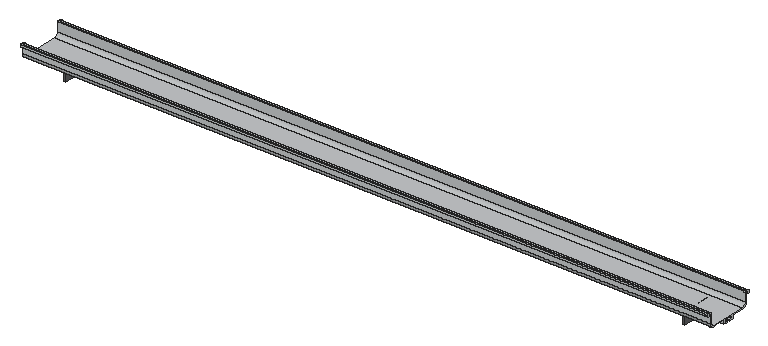
Revit family "Richelieu_Gola_Channel_Profiles_2025", category Generic Models, Revit 2025
Family settings
  Can host rebar = No
  Round Connector Dimension = Use Diameter
  Part Type = Normal
  Cut with Voids When Loaded = Yes
  Maintain Annotation Orientation = No
  Shared = No
  Room Calculation Point = No
Parameters (values of type "Horizontal - C - Double Grip")
  URL = "https://www.richelieu.com/us/en/category/moldings-corbels-and-components/metal-and-pvc-moldings-profiles-and-rails/gola-cabinet-profiles/1182698"
  Type VS = no
  Type VD = no
  Type HL = no
  Type HC = yes
  Stock Length = 4100 mm
  Show Right End Cap [instance] = no
  Show Mounting Clips [instance] = yes
  Show Left End Cap [instance] = no
  Show Internal 90 Joint [instance] = no
  Show External 90 Joint [instance] = no
  Show Assembly Bracket [instance] = no
  Right End Cap Open [instance] = no
  Recess Opening Width [instance] = if(Type HC, 72.7 mm, if(Type HL, 56 mm, if(Type VS, 48.25 mm, 66.5 mm))) + 2 * Effective Recess Clearance  # 73.7 mm
  Recess Cut Front [instance] = if(Type HC, 26 mm, if(Type HL, 27 mm, 36.6 mm)) + Effective Recess Clearance + if(Front Cut Extension < 0 mm, 0 mm, Front Cut Extension)  # 76.5 mm
  Recess Cut Back [instance] = -Effective Recess Clearance - if(Extra Cut Depth < 0 mm, 0 mm, Extra Cut Depth)  # -0.5 mm
  Recess Clearance [instance] = 0.5 mm
  Profile Width = 26 mm
  Profile Type = "HC"
  Profile Material = Gola - Brushed Stainless Finish
  Profile Height = 72.7 mm
  Open End Cap Product = "7001045170"
  Mounting Clip Material = Gola - Black Plastic Mounting Clips
  Model Accuracy Notes = "Source overall sections: C 26x72.7; L 27x56; vertical single 48.25x36.6; double 66.5x36.6mm. Undimensioned small radii/thickness, teeth and accessory internals simplified. Stock vertical drawing 4400mm; website packaging sometimes states 4500mm."
  Model = "70010040410170"
  Manufacturer Product Number = "70010040410170"
  Manufacturer = "Richelieu Hardware"
  built-in parameter 1001306 [instance] = 1000 mm
  Left End Cap Open [instance] = no
  Internal Joint Product = "7001016I170"
  HL internal joint [instance] = and(Type HL, Show Internal 90 Joint)  # no
  HL external joint [instance] = and(Type HL, Show External 90 Joint)  # no
  HL clips [instance] = and(Type HL, Show Mounting Clips)  # no
  HL bracket linear [instance] = and(Type HL, and(Show Assembly Bracket, Bracket As Linear Join))  # no
  HL bracket bent [instance] = and(Type HL, and(Show Assembly Bracket, not(Bracket As Linear Join)))  # no
  HL Right open [instance] = and(Type HL, and(Show Right End Cap, Right End Cap Open))  # no
  HL Right closed [instance] = and(Type HL, and(Show Right End Cap, not(Right End Cap Open)))  # no
  HL Left open [instance] = and(Type HL, and(Show Left End Cap, Left End Cap Open))  # no
  HL Left closed [instance] = and(Type HL, and(Show Left End Cap, not(Left End Cap Open)))  # no
  HC internal joint [instance] = and(Type HC, Show Internal 90 Joint)  # no
  HC external joint [instance] = and(Type HC, Show External 90 Joint)  # no
  HC clips [instance] = and(Type HC, Show Mounting Clips)  # yes
  HC bracket linear [instance] = and(Type HC, and(Show Assembly Bracket, Bracket As Linear Join))  # no
  HC bracket bent [instance] = and(Type HC, and(Show Assembly Bracket, not(Bracket As Linear Join)))  # no
  HC Right open [instance] = and(Type HC, and(Show Right End Cap, Right End Cap Open))  # no
  HC Right closed [instance] = and(Type HC, and(Show Right End Cap, not(Right End Cap Open)))  # no
  HC Left open [instance] = and(Type HC, and(Show Left End Cap, Left End Cap Open))  # no
  HC Left closed [instance] = and(Type HC, and(Show Left End Cap, not(Left End Cap Open)))  # no
  Grip Configuration = "Double"
  Front Cut Extension [instance] = 50 mm
  Finish = "Brushed stainless steel appearance"
  Extra Cut Depth [instance] = 0 mm
  External Joint Product = "7001016E170"
  Effective Recess Clearance [instance] = if(Recess Clearance < 0.1 mm, 0.1 mm, Recess Clearance)  # 0.5 mm
  Effective Accessory Offset [instance] = if(Accessory Offset < 25 mm, 25 mm, if(Accessory Offset > [built-in parameter 1001306] / 2 - 20 mm, [built-in parameter 1001306] / 2 - 20 mm, Accessory Offset))  # 50 mm
  Description = "Horizontal - C - Double Grip; line based length with endpoint grips"
  Default Elevation = 0 mm
  Control 3864 Start [instance] = [built-in parameter 1001306] + 25.8 mm  # 1025.8 mm
  Control 3864 End [instance] = [built-in parameter 1001306] + 27 mm  # 1027 mm
  Control 3851 Start [instance] = [built-in parameter 1001306] + 0 mm  # 1000 mm
  Control 3851 End [instance] = [built-in parameter 1001306] + 27 mm  # 1027 mm
  Control 3792 Start [instance] = [built-in parameter 1001306] - 34 mm  # 966 mm
  Control 3792 End [instance] = [built-in parameter 1001306] + 34 mm  # 1034 mm
  Control 3780 Start [instance] = [built-in parameter 1001306] - 2.4 mm  # 997.6 mm
  Control 3768 Start [instance] = [built-in parameter 1001306] - 68 mm  # 932 mm
  Control 3743 Start [instance] = [built-in parameter 1001306] - Effective Accessory Offset - 17 mm  # 933 mm
  Control 3722 End [instance] = [built-in parameter 1001306] - Effective Accessory Offset + 12.2 mm  # 962.2 mm
  Control 3709 Start [instance] = [built-in parameter 1001306] - Effective Accessory Offset  # 950 mm
  Control 3709 End [instance] = [built-in parameter 1001306] - Effective Accessory Offset + 3 mm  # 953 mm
  Control 3686 Start [instance] = Effective Accessory Offset - 17 mm  # 33 mm
  Control 3665 End [instance] = Effective Accessory Offset + 12.2 mm  # 62.2 mm
  Control 3653 End [instance] = Effective Accessory Offset + 3 mm  # 53 mm
  Control 3640 Start [instance] = [built-in parameter 1001306] - 8 mm  # 992 mm
  Control 3548 End [instance] = [built-in parameter 1001306] + 11 mm  # 1011 mm
  Control 3536 End [instance] = [built-in parameter 1001306] + 2 mm  # 1002 mm
  Closed End Cap Product = "7001046170"
  Cap Material = Gola - Brushed Stainless Finish
  Bracket Material = Gola - Galvanized Bracket
  Bracket As Linear Join [instance] = no
  Base Material = "Anodized aluminum"
  Application = "Horizontal"
  Accessory Offset [instance] = 50 mm
  Accessory Notes = "Horizontal: BP7001010 clips; 70010999 bracket. Internal joint at START, external at END. Disable end cap where corner used. Vertical: direct screw fixing; horizontal fittings suppressed."
Reference planes
  plane 1 "Center (Front/Back)": y = 0
  plane 2: z = 0
  plane 3 "Left": x = 0
  plane 4 "Right": x = 1000
  plane 5 "Recess lower edge": y = -0.5
  plane 6 "Recess upper edge": y = 73.2
Forms (mm)
  Extrusion 1, solid, material "Gola - Brushed Stainless Finish" <- "Profile Material", visible <- "Type HC"
    sketch origin (0, 0, 0) x (0, 1, 0) y (0, 0, 1)
      loop
        line (72.7, 22) -> (72.7, 24.8)
        arc (72.7, 24.8) -> (72.349, 25.648) -> (71.5, 26) r 1.2
        line (71.5, 26) -> (68.9, 26)
        arc (68.9, 26) -> (68.052, 25.648) -> (67.7, 24.8) r 1.2
        line (67.7, 24.8) -> (67.7, 11.9)
        arc (67.7, 11.9) -> (66.118, 8.082) -> (62.3, 6.5) r 5.4
        line (62.3, 6.5) -> (10.4, 6.5)
        arc (10.4, 6.5) -> (6.582, 8.082) -> (5, 11.9) r 5.4
        line (5, 11.9) -> (5, 24.8)
        arc (5, 24.8) -> (4.648, 25.648) -> (3.8, 26) r 1.2
        line (3.8, 26) -> (1.2, 26)
        arc (1.2, 26) -> (0.352, 25.648) -> (0, 24.8) r 1.2
        line (0, 24.8) -> (0, 22) -> (1.2, 22) -> (1.2, 24.8) -> (3.8, 24.8) -> (3.8, 11.9)
        arc (3.8, 11.9) -> (5.733, 7.233) -> (10.4, 5.3) r 6.6
        line (10.4, 5.3) -> (28.2, 5.3) -> (28.2, 0) -> (33.4, 0) -> (33.4, 1.2) -> (29.4, 1.2) -> (29.4, 5.3) -> (43.3, 5.3) -> (43.3, 1.2) -> (39.3, 1.2) -> (39.3, 0) -> (44.5, 0) -> (44.5, 5.3) -> (62.3, 5.3)
        arc (62.3, 5.3) -> (66.967, 7.233) -> (68.9, 11.9) r 6.6
        line (68.9, 11.9) -> (68.9, 24.8) -> (71.5, 24.8) -> (71.5, 22) -> (72.7, 22)
    from 0 to 1000 <- "built-in parameter 1001306"
  Extrusion 2, solid, material "Gola - Brushed Stainless Finish" <- "Cap Material", visible <- "HC Left closed"
    sketch origin (0, 0, 0) x (0, 1, 0) y (0, 0, 1)
      loop
        line (0, 0) -> (72.7, 0) -> (72.7, 26) -> (0, 26) -> (0, 0)
    from -2 to 0
  Extrusion 3, solid, material "Gola - Brushed Stainless Finish" <- "Cap Material", visible <- "HC Left open"
    sketch origin (0, 0, 0) x (0, 1, 0) y (0, 0, 1)
      loop
        line (74.35, 24.538) -> (74.35, 27.662)
        arc (74.35, 27.662) -> (74, 28.59) -> (73.096, 29) r 1.299
        line (73.096, 29) -> (70.378, 29)
        arc (70.378, 29) -> (69.474, 28.59) -> (69.123, 27.662) r 1.299
        line (69.123, 27.662) -> (69.123, 13.273)
        arc (69.123, 13.273) -> (67.546, 9.094) -> (63.478, 7.25) r 5.843
        line (63.478, 7.25) -> (9.222, 7.25)
        arc (9.222, 7.25) -> (5.154, 9.094) -> (3.577, 13.273) r 5.843
        line (3.577, 13.273) -> (3.577, 27.662)
        arc (3.577, 27.662) -> (3.226, 28.59) -> (2.322, 29) r 1.299
        line (2.322, 29) -> (-0.396, 29)
        arc (-0.396, 29) -> (-1.3, 28.59) -> (-1.65, 27.662) r 1.299
        line (-1.65, 27.662) -> (-1.65, 24.538) -> (-0.396, 24.538) -> (-0.396, 27.662) -> (2.322, 27.662) -> (2.322, 13.273)
        arc (2.322, 13.273) -> (4.25, 8.165) -> (9.222, 5.912) r 7.142
        line (9.222, 5.912) -> (27.83, 5.912) -> (27.83, 0) -> (33.266, 0) -> (33.266, 1.338) -> (29.085, 1.338) -> (29.085, 5.912) -> (43.615, 5.912) -> (43.615, 1.338) -> (39.434, 1.338) -> (39.434, 0) -> (44.87, 0) -> (44.87, 5.912) -> (63.478, 5.912)
        arc (63.478, 5.912) -> (68.45, 8.165) -> (70.378, 13.273) r 7.142
        line (70.378, 13.273) -> (70.378, 27.662) -> (73.096, 27.662) -> (73.096, 24.538) -> (74.35, 24.538)
    from -11 to 0
  Extrusion 4, solid, material "Gola - Brushed Stainless Finish" <- "Cap Material", visible <- "HC Left closed"
    sketch origin (0, 0, 0) x (0, 1, 0) y (0, 0, 1)
      loop
        line (7, 5.3) -> (65.7, 5.3) -> (65.7, 7) -> (7, 7) -> (7, 5.3)
    from 0 to 8
  Extrusion 5, solid, material "Gola - Brushed Stainless Finish" <- "Cap Material", visible <- "HC Right closed"
    sketch origin (0, 0, 0) x (0, 1, 0) y (0, 0, 1)
      loop
        line (0, 0) -> (72.7, 0) -> (72.7, 26) -> (0, 26) -> (0, 0)
    from 1000 <- "built-in parameter 1001306" to 1002 <- "Control 3536 End"
  Extrusion 6, solid, material "Gola - Brushed Stainless Finish" <- "Cap Material", visible <- "HC Right open"
    sketch origin (0, 0, 0) x (0, 1, 0) y (0, 0, 1)
      loop
        line (74.35, 24.538) -> (74.35, 27.662)
        arc (74.35, 27.662) -> (74, 28.59) -> (73.096, 29) r 1.299
        line (73.096, 29) -> (70.378, 29)
        arc (70.378, 29) -> (69.474, 28.59) -> (69.123, 27.662) r 1.299
        line (69.123, 27.662) -> (69.123, 13.273)
        arc (69.123, 13.273) -> (67.546, 9.094) -> (63.478, 7.25) r 5.843
        line (63.478, 7.25) -> (9.222, 7.25)
        arc (9.222, 7.25) -> (5.154, 9.094) -> (3.577, 13.273) r 5.843
        line (3.577, 13.273) -> (3.577, 27.662)
        arc (3.577, 27.662) -> (3.226, 28.59) -> (2.322, 29) r 1.299
        line (2.322, 29) -> (-0.396, 29)
        arc (-0.396, 29) -> (-1.3, 28.59) -> (-1.65, 27.662) r 1.299
        line (-1.65, 27.662) -> (-1.65, 24.538) -> (-0.396, 24.538) -> (-0.396, 27.662) -> (2.322, 27.662) -> (2.322, 13.273)
        arc (2.322, 13.273) -> (4.25, 8.165) -> (9.222, 5.912) r 7.142
        line (9.222, 5.912) -> (27.83, 5.912) -> (27.83, 0) -> (33.266, 0) -> (33.266, 1.338) -> (29.085, 1.338) -> (29.085, 5.912) -> (43.615, 5.912) -> (43.615, 1.338) -> (39.434, 1.338) -> (39.434, 0) -> (44.87, 0) -> (44.87, 5.912) -> (63.478, 5.912)
        arc (63.478, 5.912) -> (68.45, 8.165) -> (70.378, 13.273) r 7.142
        line (70.378, 13.273) -> (70.378, 27.662) -> (73.096, 27.662) -> (73.096, 24.538) -> (74.35, 24.538)
    from 1000 <- "built-in parameter 1001306" to 1011 <- "Control 3548 End"
  Extrusion 7, solid, material "Gola - Brushed Stainless Finish" <- "Cap Material", visible <- "HC Right closed"
    sketch origin (0, 0, 0) x (0, 1, 0) y (0, 0, 1)
      loop
        line (7, 5.3) -> (65.7, 5.3) -> (65.7, 7) -> (7, 7) -> (7, 5.3)
    from 992 <- "Control 3640 Start" to 1000 <- "built-in parameter 1001306"
  Extrusion 8, solid, material "Gola - Black Plastic Mounting Clips" <- "Mounting Clip Material", visible <- "HC clips"
    sketch origin (0, 0, 0) x (0, 1, 0) y (0, 0, 1)
      loop
        line (16.35, -12) -> (56.35, -12) -> (56.35, 5) -> (16.35, 5) -> (16.35, -12)
    from 50 <- "Effective Accessory Offset" to 53 <- "Control 3653 End"
  Extrusion 9, solid, material "Gola - Black Plastic Mounting Clips" <- "Mounting Clip Material", visible <- "HC clips"
    sketch origin (0, 0, 0) x (0, 1, 0) y (0, 0, 1)
      loop
        circle (20.35, 0.5) r 2.65
    from 53 <- "Control 3653 End" to 62.2 <- "Control 3665 End"
  Extrusion 10, solid, material "Gola - Black Plastic Mounting Clips" <- "Mounting Clip Material", visible <- "HC clips"
    sketch origin (0, 0, 0) x (0, 1, 0) y (0, 0, 1)
      loop
        circle (52.35, 0.5) r 2.65
    from 53 <- "Control 3653 End" to 62.2 <- "Control 3665 End"
  Extrusion 11, solid, material "Gola - Black Plastic Mounting Clips" <- "Mounting Clip Material", visible <- "HC clips"
    sketch origin (0, 0, 0) x (0, 1, 0) y (0, 0, 1)
      loop
        line (28.35, 0) -> (33.85, 0) -> (33.85, 4.3) -> (28.35, 4.3) -> (28.35, 0)
    from 33 <- "Control 3686 Start" to 50 <- "Effective Accessory Offset"
  Extrusion 12, solid, material "Gola - Black Plastic Mounting Clips" <- "Mounting Clip Material", visible <- "HC clips"
    sketch origin (0, 0, 0) x (0, 1, 0) y (0, 0, 1)
      loop
        line (38.85, 0) -> (44.35, 0) -> (44.35, 4.3) -> (38.85, 4.3) -> (38.85, 0)
    from 33 <- "Control 3686 Start" to 50 <- "Effective Accessory Offset"
  Extrusion 13, solid, material "Gola - Black Plastic Mounting Clips" <- "Mounting Clip Material", visible <- "HC clips"
    sketch origin (0, 0, 0) x (0, 1, 0) y (0, 0, 1)
      loop
        line (16.35, -12) -> (56.35, -12) -> (56.35, 5) -> (16.35, 5) -> (16.35, -12)
    from 950 <- "Control 3709 Start" to 953 <- "Control 3709 End"
  Extrusion 14, solid, material "Gola - Black Plastic Mounting Clips" <- "Mounting Clip Material", visible <- "HC clips"
    sketch origin (0, 0, 0) x (0, 1, 0) y (0, 0, 1)
      loop
        circle (20.35, 0.5) r 2.65
    from 953 <- "Control 3709 End" to 962.2 <- "Control 3722 End"
  Extrusion 15, solid, material "Gola - Black Plastic Mounting Clips" <- "Mounting Clip Material", visible <- "HC clips"
    sketch origin (0, 0, 0) x (0, 1, 0) y (0, 0, 1)
      loop
        circle (52.35, 0.5) r 2.65
    from 953 <- "Control 3709 End" to 962.2 <- "Control 3722 End"
  Extrusion 16, solid, material "Gola - Black Plastic Mounting Clips" <- "Mounting Clip Material", visible <- "HC clips"
    sketch origin (0, 0, 0) x (0, 1, 0) y (0, 0, 1)
      loop
        line (28.35, 0) -> (33.85, 0) -> (33.85, 4.3) -> (28.35, 4.3) -> (28.35, 0)
    from 933 <- "Control 3743 Start" to 950 <- "Control 3709 Start"
  Extrusion 17, solid, material "Gola - Black Plastic Mounting Clips" <- "Mounting Clip Material", visible <- "HC clips"
    sketch origin (0, 0, 0) x (0, 1, 0) y (0, 0, 1)
      loop
        line (38.85, 0) -> (44.35, 0) -> (44.35, 4.3) -> (38.85, 4.3) -> (38.85, 0)
    from 933 <- "Control 3743 Start" to 950 <- "Control 3709 Start"
  Extrusion 18, solid, material "Gola - Galvanized Bracket" <- "Bracket Material", visible <- "HC bracket bent"
    sketch origin (0, 0, 0) x (0, 1, 0) y (0, 0, 1)
      loop
        line (30.85, 1.5) -> (41.85, 1.5) -> (41.85, 3.9) -> (30.85, 3.9) -> (30.85, 1.5)
    from 932 <- "Control 3768 Start" to 1000 <- "built-in parameter 1001306"
  Extrusion 19, solid, material "Gola - Galvanized Bracket" <- "Bracket Material", visible <- "HC bracket bent"
    sketch origin (0, 0, 0) x (0, 1, 0) y (0, 0, 1)
      loop
        line (30.85, -34.1) -> (41.85, -34.1) -> (41.85, 3.9) -> (30.85, 3.9) -> (30.85, -34.1)
    from 997.6 <- "Control 3780 Start" to 1000 <- "built-in parameter 1001306"
  Extrusion 20, solid, material "Gola - Galvanized Bracket" <- "Bracket Material", visible <- "HC bracket linear"
    sketch origin (0, 0, 0) x (0, 1, 0) y (0, 0, 1)
      loop
        line (30.85, 1.5) -> (41.85, 1.5) -> (41.85, 3.9) -> (30.85, 3.9) -> (30.85, 1.5)
    from 966 <- "Control 3792 Start" to 1034 <- "Control 3792 End"
  Extrusion 21, solid, material "Gola - Brushed Stainless Finish" <- "Profile Material", visible <- "HC internal joint"
    sketch origin (0, 0, 0) x (0, 1, 0) y (0, 0, 1)
      loop
        line (5, 5.3) -> (67.7, 5.3) -> (67.7, 6.5) -> (5, 6.5) -> (5, 5.3)
    from -29 to 0
  Extrusion 22, solid, material "Gola - Brushed Stainless Finish" <- "Profile Material", visible <- "HC internal joint"
    sketch origin (0, 0, 0) x (0, 1, 0) y (0, 0, 1)
      loop
        line (5, 5.3) -> (67.7, 5.3) -> (67.7, 33.1) -> (5, 33.1) -> (5, 5.3)
    from -29 to -27.8
  Extrusion 23, solid, material "Gola - Brushed Stainless Finish" <- "Profile Material", visible <- "HC internal joint"
    sketch origin (0, 0, 0) x (0, 1, 0) y (0, 0, 1)
      loop
        line (3.8, 5.3) -> (5, 5.3) -> (5, 34.3) -> (3.8, 34.3) -> (3.8, 5.3)
    from -29 to 0
  Extrusion 24, solid, material "Gola - Brushed Stainless Finish" <- "Profile Material", visible <- "HC internal joint"
    sketch origin (0, 0, 0) x (0, 1, 0) y (0, 0, 1)
      loop
        line (67.7, 5.3) -> (68.9, 5.3) -> (68.9, 34.3) -> (67.7, 34.3) -> (67.7, 5.3)
    from -29 to 0
  Extrusion 25, solid, material "Gola - Brushed Stainless Finish" <- "Profile Material", visible <- "HC external joint"
    sketch origin (0, 0, 0) x (0, 1, 0) y (0, 0, 1)
      loop
        line (5, 24.8) -> (67.7, 24.8) -> (67.7, 26) -> (5, 26) -> (5, 24.8)
    from 1000 <- "Control 3851 Start" to 1027 <- "Control 3851 End"
  Extrusion 26, solid, material "Gola - Brushed Stainless Finish" <- "Profile Material", visible <- "HC external joint"
    sketch origin (0, 0, 0) x (0, 1, 0) y (0, 0, 1)
      loop
        line (5, -1) -> (67.7, -1) -> (67.7, 24.8) -> (5, 24.8) -> (5, -1)
    from 1025.8 <- "Control 3864 Start" to 1027 <- "Control 3864 End"
  Extrusion 27, solid, material "Gola - Brushed Stainless Finish" <- "Profile Material", visible <- "HC external joint"
    sketch origin (0, 0, 0) x (0, 1, 0) y (0, 0, 1)
      loop
        line (3.8, -1) -> (5, -1) -> (5, 26) -> (3.8, 26) -> (3.8, -1)
    from 1000 <- "Control 3851 Start" to 1027 <- "Control 3851 End"
  Extrusion 28, solid, material "Gola - Brushed Stainless Finish" <- "Profile Material", visible <- "HC external joint"
    sketch origin (0, 0, 0) x (0, 1, 0) y (0, 0, 1)
      loop
        line (67.7, -1) -> (68.9, -1) -> (68.9, 26) -> (67.7, 26) -> (67.7, -1)
    from 1000 <- "Control 3851 Start" to 1027 <- "Control 3851 End"
  Extrusion 29, solid, material "Gola - Brushed Stainless Finish" <- "Profile Material", visible <- "Type HL"
    sketch origin (0, 0, 0) x (0, 1, 0) y (0, 0, 1)
      loop
        line (56, 0) -> (56, 6.3)
        arc (56, 6.3) -> (55.649, 7.149) -> (54.8, 7.5) r 1.2
        line (54.8, 7.5) -> (10.5, 7.5)
        arc (10.5, 7.5) -> (6.682, 9.082) -> (5.1, 12.9) r 5.4
        line (5.1, 12.9) -> (5.1, 25.8)
        arc (5.1, 25.8) -> (4.748, 26.649) -> (3.9, 27) r 1.2
        line (3.9, 27) -> (1.2, 27)
        arc (1.2, 27) -> (0.352, 26.648) -> (0, 25.8) r 1.2
        line (0, 25.8) -> (0, 23) -> (1.2, 23) -> (1.2, 25.8) -> (3.9, 25.8) -> (3.9, 12.9)
        arc (3.9, 12.9) -> (5.833, 8.233) -> (10.5, 6.3) r 6.6
        line (10.5, 6.3) -> (10.7, 0.9) -> (15.9, 0.9) -> (15.9, 2.1) -> (11.9, 2.1) -> (11.9, 6.3) -> (25.6, 6.3) -> (25.6, 2.1) -> (21.6, 2.1) -> (21.6, 0.9) -> (26.8, 0.9) -> (26.8, 6.3) -> (54.8, 6.3) -> (54.8, 1.2) -> (53.5, 1.2) -> (53.5, 0) -> (56, 0)
    from 0 to 1000 <- "built-in parameter 1001306"
  Extrusion 30, solid, material "Gola - Brushed Stainless Finish" <- "Cap Material", visible <- "HL Left closed"
    sketch origin (0, 0, 0) x (0, 1, 0) y (0, 0, 1)
      loop
        line (0, 0) -> (56, 0) -> (56, 27) -> (0, 27) -> (0, 0)
    from -2 to 0
  Extrusion 31, solid, material "Gola - Brushed Stainless Finish" <- "Cap Material", visible <- "HL Left open"
    sketch origin (0, 0, 0) x (0, 1, 0) y (0, 0, 1)
      loop
        line (57, 0) -> (57, 6.767)
        arc (57, 6.767) -> (56.645, 7.668) -> (55.757, 8.056) r 1.267
        line (55.757, 8.056) -> (9.875, 8.056)
        arc (9.875, 8.056) -> (5.878, 9.798) -> (4.282, 13.856) r 5.699
        line (4.282, 13.856) -> (4.282, 27.711)
        arc (4.282, 27.711) -> (3.927, 28.613) -> (3.039, 29) r 1.267
        line (3.039, 29) -> (0.243, 29)
        arc (0.243, 29) -> (-0.645, 28.613) -> (-1, 27.711) r 1.267
        line (-1, 27.711) -> (-1, 24.704) -> (0.243, 24.704) -> (0.243, 27.711) -> (3.039, 27.711) -> (3.039, 13.856)
        arc (3.039, 13.856) -> (4.99, 8.896) -> (9.875, 6.767) r 6.966
        line (9.875, 6.767) -> (10.082, 0.967) -> (15.468, 0.967) -> (15.468, 2.256) -> (11.325, 2.256) -> (11.325, 6.767) -> (25.514, 6.767) -> (25.514, 2.256) -> (21.371, 2.256) -> (21.371, 0.967) -> (26.757, 0.967) -> (26.757, 6.767) -> (55.757, 6.767) -> (55.757, 1.289) -> (54.411, 1.289) -> (54.411, 0) -> (57, 0)
    from -11 to 0
  Extrusion 32, solid, material "Gola - Brushed Stainless Finish" <- "Cap Material", visible <- "HL Left closed"
    sketch origin (0, 0, 0) x (0, 1, 0) y (0, 0, 1)
      loop
        line (7, 5.3) -> (49, 5.3) -> (49, 7) -> (7, 7) -> (7, 5.3)
    from 0 to 8
  Extrusion 33, solid, material "Gola - Brushed Stainless Finish" <- "Cap Material", visible <- "HL Right closed"
    sketch origin (0, 0, 0) x (0, 1, 0) y (0, 0, 1)
      loop
        line (0, 0) -> (56, 0) -> (56, 27) -> (0, 27) -> (0, 0)
    from 1000 <- "built-in parameter 1001306" to 1002 <- "Control 3536 End"
  Extrusion 34, solid, material "Gola - Brushed Stainless Finish" <- "Cap Material", visible <- "HL Right open"
    sketch origin (0, 0, 0) x (0, 1, 0) y (0, 0, 1)
      loop
        line (57, 0) -> (57, 6.767)
        arc (57, 6.767) -> (56.645, 7.668) -> (55.757, 8.056) r 1.267
        line (55.757, 8.056) -> (9.875, 8.056)
        arc (9.875, 8.056) -> (5.878, 9.798) -> (4.282, 13.856) r 5.699
        line (4.282, 13.856) -> (4.282, 27.711)
        arc (4.282, 27.711) -> (3.927, 28.613) -> (3.039, 29) r 1.267
        line (3.039, 29) -> (0.243, 29)
        arc (0.243, 29) -> (-0.645, 28.613) -> (-1, 27.711) r 1.267
        line (-1, 27.711) -> (-1, 24.704) -> (0.243, 24.704) -> (0.243, 27.711) -> (3.039, 27.711) -> (3.039, 13.856)
        arc (3.039, 13.856) -> (4.99, 8.896) -> (9.875, 6.767) r 6.966
        line (9.875, 6.767) -> (10.082, 0.967) -> (15.468, 0.967) -> (15.468, 2.256) -> (11.325, 2.256) -> (11.325, 6.767) -> (25.514, 6.767) -> (25.514, 2.256) -> (21.371, 2.256) -> (21.371, 0.967) -> (26.757, 0.967) -> (26.757, 6.767) -> (55.757, 6.767) -> (55.757, 1.289) -> (54.411, 1.289) -> (54.411, 0) -> (57, 0)
    from 1000 <- "built-in parameter 1001306" to 1011 <- "Control 3548 End"
  Extrusion 35, solid, material "Gola - Brushed Stainless Finish" <- "Cap Material", visible <- "HL Right closed"
    sketch origin (0, 0, 0) x (0, 1, 0) y (0, 0, 1)
      loop
        line (7, 5.3) -> (49, 5.3) -> (49, 7) -> (7, 7) -> (7, 5.3)
    from 992 <- "Control 3640 Start" to 1000 <- "built-in parameter 1001306"
  Extrusion 36, solid, material "Gola - Black Plastic Mounting Clips" <- "Mounting Clip Material", visible <- "HL clips"
    sketch origin (0, 0, 0) x (0, 1, 0) y (0, 0, 1)
      loop
        line (-1.25, -12) -> (38.75, -12) -> (38.75, 5) -> (-1.25, 5) -> (-1.25, -12)
    from 50 <- "Effective Accessory Offset" to 53 <- "Control 3653 End"
  Extrusion 37, solid, material "Gola - Black Plastic Mounting Clips" <- "Mounting Clip Material", visible <- "HL clips"
    sketch origin (0, 0, 0) x (0, 1, 0) y (0, 0, 1)
      loop
        circle (2.75, 0.5) r 2.65
    from 53 <- "Control 3653 End" to 62.2 <- "Control 3665 End"
  Extrusion 38, solid, material "Gola - Black Plastic Mounting Clips" <- "Mounting Clip Material", visible <- "HL clips"
    sketch origin (0, 0, 0) x (0, 1, 0) y (0, 0, 1)
      loop
        circle (34.75, 0.5) r 2.65
    from 53 <- "Control 3653 End" to 62.2 <- "Control 3665 End"
  Extrusion 39, solid, material "Gola - Black Plastic Mounting Clips" <- "Mounting Clip Material", visible <- "HL clips"
    sketch origin (0, 0, 0) x (0, 1, 0) y (0, 0, 1)
      loop
        line (10.75, 0) -> (16.25, 0) -> (16.25, 4.3) -> (10.75, 4.3) -> (10.75, 0)
    from 33 <- "Control 3686 Start" to 50 <- "Effective Accessory Offset"
  Extrusion 40, solid, material "Gola - Black Plastic Mounting Clips" <- "Mounting Clip Material", visible <- "HL clips"
    sketch origin (0, 0, 0) x (0, 1, 0) y (0, 0, 1)
      loop
        line (21.25, 0) -> (26.75, 0) -> (26.75, 4.3) -> (21.25, 4.3) -> (21.25, 0)
    from 33 <- "Control 3686 Start" to 50 <- "Effective Accessory Offset"
  Extrusion 41, solid, material "Gola - Black Plastic Mounting Clips" <- "Mounting Clip Material", visible <- "HL clips"
    sketch origin (0, 0, 0) x (0, 1, 0) y (0, 0, 1)
      loop
        line (-1.25, -12) -> (38.75, -12) -> (38.75, 5) -> (-1.25, 5) -> (-1.25, -12)
    from 950 <- "Control 3709 Start" to 953 <- "Control 3709 End"
  Extrusion 42, solid, material "Gola - Black Plastic Mounting Clips" <- "Mounting Clip Material", visible <- "HL clips"
    sketch origin (0, 0, 0) x (0, 1, 0) y (0, 0, 1)
      loop
        circle (2.75, 0.5) r 2.65
    from 953 <- "Control 3709 End" to 962.2 <- "Control 3722 End"
  Extrusion 43, solid, material "Gola - Black Plastic Mounting Clips" <- "Mounting Clip Material", visible <- "HL clips"
    sketch origin (0, 0, 0) x (0, 1, 0) y (0, 0, 1)
      loop
        circle (34.75, 0.5) r 2.65
    from 953 <- "Control 3709 End" to 962.2 <- "Control 3722 End"
  Extrusion 44, solid, material "Gola - Black Plastic Mounting Clips" <- "Mounting Clip Material", visible <- "HL clips"
    sketch origin (0, 0, 0) x (0, 1, 0) y (0, 0, 1)
      loop
        line (10.75, 0) -> (16.25, 0) -> (16.25, 4.3) -> (10.75, 4.3) -> (10.75, 0)
    from 933 <- "Control 3743 Start" to 950 <- "Control 3709 Start"
  Extrusion 45, solid, material "Gola - Black Plastic Mounting Clips" <- "Mounting Clip Material", visible <- "HL clips"
    sketch origin (0, 0, 0) x (0, 1, 0) y (0, 0, 1)
      loop
        line (21.25, 0) -> (26.75, 0) -> (26.75, 4.3) -> (21.25, 4.3) -> (21.25, 0)
    from 933 <- "Control 3743 Start" to 950 <- "Control 3709 Start"
  Extrusion 46, solid, material "Gola - Galvanized Bracket" <- "Bracket Material", visible <- "HL bracket bent"
    sketch origin (0, 0, 0) x (0, 1, 0) y (0, 0, 1)
      loop
        line (13.25, 1.5) -> (24.25, 1.5) -> (24.25, 3.9) -> (13.25, 3.9) -> (13.25, 1.5)
    from 932 <- "Control 3768 Start" to 1000 <- "built-in parameter 1001306"
  Extrusion 47, solid, material "Gola - Galvanized Bracket" <- "Bracket Material", visible <- "HL bracket bent"
    sketch origin (0, 0, 0) x (0, 1, 0) y (0, 0, 1)
      loop
        line (13.25, -34.1) -> (24.25, -34.1) -> (24.25, 3.9) -> (13.25, 3.9) -> (13.25, -34.1)
    from 997.6 <- "Control 3780 Start" to 1000 <- "built-in parameter 1001306"
  Extrusion 48, solid, material "Gola - Galvanized Bracket" <- "Bracket Material", visible <- "HL bracket linear"
    sketch origin (0, 0, 0) x (0, 1, 0) y (0, 0, 1)
      loop
        line (13.25, 1.5) -> (24.25, 1.5) -> (24.25, 3.9) -> (13.25, 3.9) -> (13.25, 1.5)
    from 966 <- "Control 3792 Start" to 1034 <- "Control 3792 End"
  Extrusion 49, solid, material "Gola - Brushed Stainless Finish" <- "Profile Material", visible <- "HL internal joint"
    sketch origin (0, 0, 0) x (0, 1, 0) y (0, 0, 1)
      loop
        line (5, 5.3) -> (51, 5.3) -> (51, 6.5) -> (5, 6.5) -> (5, 5.3)
    from -29 to 0
  Extrusion 50, solid, material "Gola - Brushed Stainless Finish" <- "Profile Material", visible <- "HL internal joint"
    sketch origin (0, 0, 0) x (0, 1, 0) y (0, 0, 1)
      loop
        line (5, 5.3) -> (51, 5.3) -> (51, 33.1) -> (5, 33.1) -> (5, 5.3)
    from -29 to -27.8
  Extrusion 51, solid, material "Gola - Brushed Stainless Finish" <- "Profile Material", visible <- "HL internal joint"
    sketch origin (0, 0, 0) x (0, 1, 0) y (0, 0, 1)
      loop
        line (3.9, 5.3) -> (5.1, 5.3) -> (5.1, 34.3) -> (3.9, 34.3) -> (3.9, 5.3)
    from -29 to 0
  Extrusion 52, solid, material "Gola - Brushed Stainless Finish" <- "Profile Material", visible <- "HL external joint"
    sketch origin (0, 0, 0) x (0, 1, 0) y (0, 0, 1)
      loop
        line (5, 25.8) -> (51, 25.8) -> (51, 27) -> (5, 27) -> (5, 25.8)
    from 1000 <- "Control 3851 Start" to 1027 <- "Control 3851 End"
  Extrusion 53, solid, material "Gola - Brushed Stainless Finish" <- "Profile Material", visible <- "HL external joint"
    sketch origin (0, 0, 0) x (0, 1, 0) y (0, 0, 1)
      loop
        line (5, 0) -> (51, 0) -> (51, 25.8) -> (5, 25.8) -> (5, 0)
    from 1025.8 <- "Control 3864 Start" to 1027 <- "Control 3864 End"
  Extrusion 54, solid, material "Gola - Brushed Stainless Finish" <- "Profile Material", visible <- "HL external joint"
    sketch origin (0, 0, 0) x (0, 1, 0) y (0, 0, 1)
      loop
        line (3.9, 0) -> (5.1, 0) -> (5.1, 27) -> (3.9, 27) -> (3.9, 0)
    from 1000 <- "Control 3851 Start" to 1027 <- "Control 3851 End"
  Extrusion 55, solid, material "Gola - Brushed Stainless Finish" <- "Profile Material", visible <- "Type VS"
    sketch origin (0, 0, 0) x (0, 1, 0) y (0, 0, 1)
      loop
        line (0, 24.6) -> (34.2, 24.6)
        arc (34.2, 24.6) -> (38.807, 26.342) -> (41.1, 30.7) r 6.944
        line (41.1, 30.7) -> (42, 35.4) -> (47.05, 35.4) -> (47.05, 25.8) -> (45.75, 25.8) -> (45.75, 24.6) -> (48.25, 24.6) -> (48.25, 36.6) -> (40.9, 36.6) -> (39.9, 30.9)
        arc (39.9, 30.9) -> (38.061, 27.221) -> (34.2, 25.8) r 5.583
        line (34.2, 25.8) -> (7.2, 25.8)
        arc (7.2, 25.8) -> (2.957, 27.557) -> (1.2, 31.8) r 5.999
        line (1.2, 31.8) -> (1.2, 36.6) -> (0, 36.6) -> (0, 24.6)
    from 0 to 1000 <- "built-in parameter 1001306"
  Extrusion 56, solid, material "Gola - Brushed Stainless Finish" <- "Profile Material", visible <- "Type VS"
    sketch origin (0, 0, 0) x (0, 1, 0) y (0, 0, 1)
      loop
        line (0, 0) -> (1.2, 0) -> (1.2, 1.6) -> (28.8, 1.6) -> (28.8, 0) -> (30, 0) -> (30, 2.8) -> (21.4, 2.8)
        arc (21.4, 2.8) -> (20.3, 4.6) -> (21.4, 6.4) r 2.023
        line (21.4, 6.4) -> (30, 6.4) -> (30, 24.6) -> (28.8, 24.6) -> (28.8, 7.6) -> (21.4, 7.6)
        arc (21.4, 7.6) -> (19.544, 6.642) -> (19.1, 4.6) r 2.452
        arc (19.1, 4.6) -> (19.183, 3.674) -> (19.5, 2.8) r 3.598
        line (19.5, 2.8) -> (10.5, 2.8)
        arc (10.5, 2.8) -> (10.817, 3.674) -> (10.9, 4.6) r 3.598
        arc (10.9, 4.6) -> (10.456, 6.642) -> (8.6, 7.6) r 2.452
        line (8.6, 7.6) -> (1.2, 7.6) -> (1.2, 24.6) -> (0, 24.6) -> (0, 6.4) -> (8.6, 6.4)
        arc (8.6, 6.4) -> (9.7, 4.6) -> (8.6, 2.8) r 2.023
        line (8.6, 2.8) -> (0, 2.8) -> (0, 0)
    from 0 to 1000 <- "built-in parameter 1001306"
  Extrusion 57, solid, material "Gola - Brushed Stainless Finish" <- "Profile Material", visible <- "Type VD"
    sketch origin (0, 0, 0) x (0, 1, 0) y (0, 0, 1)
      loop
        line (0, 24.6) -> (2.5, 24.6) -> (2.5, 25.8) -> (1.2, 25.8) -> (1.2, 35.4) -> (7.1, 35.4) -> (8.1, 30.7)
        arc (8.1, 30.7) -> (10.393, 26.342) -> (15, 24.6) r 6.944
        line (15, 24.6) -> (51.5, 24.6)
        arc (51.5, 24.6) -> (56.107, 26.342) -> (58.4, 30.7) r 6.944
        line (58.4, 30.7) -> (59.4, 35.4) -> (65.3, 35.4) -> (65.3, 25.8) -> (64, 25.8) -> (64, 24.6) -> (66.5, 24.6) -> (66.5, 36.6) -> (58.3, 36.6) -> (57.2, 30.9)
        arc (57.2, 30.9) -> (55.361, 27.221) -> (51.5, 25.8) r 5.583
        line (51.5, 25.8) -> (15, 25.8)
        arc (15, 25.8) -> (11.139, 27.221) -> (9.3, 30.9) r 5.583
        line (9.3, 30.9) -> (8.2, 36.6) -> (0, 36.6) -> (0, 24.6)
    from 0 to 1000 <- "built-in parameter 1001306"
  Extrusion 58, solid, material "Gola - Brushed Stainless Finish" <- "Profile Material", visible <- "Type VD"
    sketch origin (0, 0, 0) x (0, 1, 0) y (0, 0, 1)
      loop
        line (18.25, 0) -> (19.45, 0) -> (19.45, 1.6) -> (47.05, 1.6) -> (47.05, 0) -> (48.25, 0) -> (48.25, 2.8) -> (39.65, 2.8)
        arc (39.65, 2.8) -> (38.55, 4.6) -> (39.65, 6.4) r 2.023
        line (39.65, 6.4) -> (48.25, 6.4) -> (48.25, 24.6) -> (47.05, 24.6) -> (47.05, 7.6) -> (39.65, 7.6)
        arc (39.65, 7.6) -> (37.794, 6.642) -> (37.35, 4.6) r 2.452
        arc (37.35, 4.6) -> (37.433, 3.674) -> (37.75, 2.8) r 3.598
        line (37.75, 2.8) -> (28.75, 2.8)
        arc (28.75, 2.8) -> (29.067, 3.674) -> (29.15, 4.6) r 3.598
        arc (29.15, 4.6) -> (28.706, 6.642) -> (26.85, 7.6) r 2.452
        line (26.85, 7.6) -> (19.45, 7.6) -> (19.45, 24.6) -> (18.25, 24.6) -> (18.25, 6.4) -> (26.85, 6.4)
        arc (26.85, 6.4) -> (27.95, 4.6) -> (26.85, 2.8) r 2.023
        line (26.85, 2.8) -> (18.25, 2.8) -> (18.25, 0)
    from 0 to 1000 <- "built-in parameter 1001306"
  Extrusion 59, void
    sketch origin (0, 0, 0) x (1, 0, 0) y (0, 1, 0)
      loop
        line (0, -0.5) -> (1000, -0.5) -> (1000, 73.2) -> (0, 73.2) -> (0, -0.5)
    from -0.5 <- "Recess Cut Back" to 76.5 <- "Recess Cut Front"
Lines and regions (mm)
  reference lines
    curve 1: line (0, 0, 0) -> (1000, 0, 0)
Dimensions and locks
  "built-in parameter 1001306": plane 3 "Left" to plane 4 "Right"
  "Effective Recess Clearance": plane 5 "Recess lower edge" to plane 1 "Center (Front/Back)"
  "Recess Opening Width": plane 5 "Recess lower edge" to plane 6 "Recess upper edge"
  aligned and locked: plane 4 "Right" to curve 1
  aligned and locked: plane 1 "Center (Front/Back)" to curve 1
  aligned and locked: plane 3 "Left" to curve 1
  aligned and locked: level to plane 2
  aligned and locked: plane 4 "Right" to Extrusion 59 sketch curve
  aligned and locked: plane 6 "Recess upper edge" to Extrusion 59 sketch curve
  aligned and locked: Extrusion 59 sketch curve to plane 3 "Left"
  aligned and locked: Extrusion 59 sketch curve to plane 5 "Recess lower edge"
Automatic sketch dimensions
  Extrusion 1 sketch curve to plane 1 "Center (Front/Back)" = 0 mm
  Extrusion 1 sketch curve to level = 0 mm  (x2)
  Extrusion 1 sketch curve to plane 1 "Center (Front/Back)" = 1.2 mm
  Extrusion 1 sketch curve to Extrusion 1 sketch curve = 0 mm  (x25)
  Extrusion 1 sketch curve to Extrusion 1 sketch curve = 2.6 mm  (x2)
  Extrusion 1 sketch curve to Extrusion 1 sketch curve = 1.2 mm  (x6)
  Extrusion 1 sketch curve to Extrusion 1 sketch curve = 5.4 mm  (x2)
  Extrusion 1 sketch curve to Extrusion 1 sketch curve = 17.8 mm  (x2)
  Extrusion 1 sketch curve to Extrusion 1 sketch curve = 4 mm  (x2)
  Extrusion 1 sketch curve to Extrusion 1 sketch curve = 5.9 mm
  level to Extrusion 1 sketch curve = 1.2 mm  (x2)
  Extrusion 1 sketch curve to Extrusion 1 sketch curve = 4.1 mm
  level to Extrusion 1 sketch curve = 5.3 mm
  Extrusion 1 sketch curve to Extrusion 1 sketch curve = 10.1 mm  (x2)
  Extrusion 1 sketch curve to Extrusion 1 sketch curve = 2.8 mm  (x2)
  Extrusion 2 sketch curve to level = 0 mm
  Extrusion 2 sketch curve to plane 1 "Center (Front/Back)" = 0 mm
  level to Extrusion 2 sketch curve = 26 mm
  Extrusion 2 sketch curve to Extrusion 2 sketch curve = 72.7 mm
  Extrusion 3 sketch curve to level = 0 mm  (x2)
  plane 1 "Center (Front/Back)" to Extrusion 3 sketch curve = 1.65 mm
  plane 1 "Center (Front/Back)" to Extrusion 3 sketch curve = 0.396 mm  (x2)
  Extrusion 3 sketch curve to Extrusion 3 sketch curve = 0.044 mm  (x8)
  Extrusion 3 sketch curve to plane 1 "Center (Front/Back)" = 2.279 mm
  Extrusion 3 sketch curve to Extrusion 3 sketch curve = 1.254 mm  (x6)
  Extrusion 3 sketch curve to plane 1 "Center (Front/Back)" = 9.222 mm
  Extrusion 3 sketch curve to Extrusion 3 sketch curve = 0 mm  (x7)
  Extrusion 3 sketch curve to Extrusion 3 sketch curve = 0.195 mm
  Extrusion 3 sketch curve to Extrusion 3 sketch curve = 18.608 mm
  Extrusion 3 sketch curve to Extrusion 3 sketch curve = 4.182 mm  (x2)
  level to Extrusion 3 sketch curve = 1.338 mm  (x2)
  Extrusion 3 sketch curve to Extrusion 3 sketch curve = 6.168 mm
  Extrusion 3 sketch curve to Extrusion 3 sketch curve = 18.369 mm
  Extrusion 3 sketch curve to Extrusion 3 sketch curve = 0.239 mm
  Extrusion 3 sketch curve to Extrusion 3 sketch curve = 5.84 mm
  Extrusion 3 sketch curve to Extrusion 3 sketch curve = 2.631 mm
  Extrusion 3 sketch curve to Extrusion 3 sketch curve = 4.573 mm
  level to Extrusion 3 sketch curve = 5.912 mm
  Extrusion 3 sketch curve to Extrusion 3 sketch curve = 1.338 mm
  Extrusion 3 sketch curve to Extrusion 3 sketch curve = 5.799 mm  (x2)
  Extrusion 3 sketch curve to Extrusion 3 sketch curve = 0.041 mm  (x4)
  Extrusion 3 sketch curve to Extrusion 3 sketch curve = 11.265 mm  (x2)
  Extrusion 3 sketch curve to Extrusion 3 sketch curve = 3.123 mm  (x2)
  Extrusion 4 sketch curve to plane 1 "Center (Front/Back)" = 7 mm
  level to Extrusion 4 sketch curve = 7 mm
  Extrusion 4 sketch curve to Extrusion 4 sketch curve = 58.7 mm
  Extrusion 4 sketch curve to Extrusion 4 sketch curve = 1.7 mm
  Extrusion 5 sketch curve to level = 0 mm
  Extrusion 5 sketch curve to plane 1 "Center (Front/Back)" = 0 mm
  level to Extrusion 5 sketch curve = 26 mm
  Extrusion 5 sketch curve to Extrusion 5 sketch curve = 72.7 mm
  Extrusion 6 sketch curve to level = 0 mm  (x2)
  plane 1 "Center (Front/Back)" to Extrusion 6 sketch curve = 1.65 mm
  plane 1 "Center (Front/Back)" to Extrusion 6 sketch curve = 0.396 mm  (x2)
  Extrusion 6 sketch curve to Extrusion 6 sketch curve = 0.044 mm  (x8)
  Extrusion 6 sketch curve to plane 1 "Center (Front/Back)" = 2.279 mm
  Extrusion 6 sketch curve to Extrusion 6 sketch curve = 1.254 mm  (x6)
  Extrusion 6 sketch curve to plane 1 "Center (Front/Back)" = 9.222 mm
  Extrusion 6 sketch curve to Extrusion 6 sketch curve = 0 mm  (x7)
  Extrusion 6 sketch curve to Extrusion 6 sketch curve = 0.195 mm
  Extrusion 6 sketch curve to Extrusion 6 sketch curve = 18.608 mm
  Extrusion 6 sketch curve to Extrusion 6 sketch curve = 4.182 mm  (x2)
  level to Extrusion 6 sketch curve = 1.338 mm  (x2)
  Extrusion 6 sketch curve to Extrusion 6 sketch curve = 6.168 mm
  Extrusion 6 sketch curve to Extrusion 6 sketch curve = 18.369 mm
  Extrusion 6 sketch curve to Extrusion 6 sketch curve = 0.239 mm
  Extrusion 6 sketch curve to Extrusion 6 sketch curve = 5.84 mm
  Extrusion 6 sketch curve to Extrusion 6 sketch curve = 2.631 mm
  Extrusion 6 sketch curve to Extrusion 6 sketch curve = 4.573 mm
  level to Extrusion 6 sketch curve = 5.912 mm
  Extrusion 6 sketch curve to Extrusion 6 sketch curve = 1.338 mm
  Extrusion 6 sketch curve to Extrusion 6 sketch curve = 5.799 mm  (x2)
  Extrusion 6 sketch curve to Extrusion 6 sketch curve = 0.041 mm  (x4)
  Extrusion 6 sketch curve to Extrusion 6 sketch curve = 11.265 mm  (x2)
  Extrusion 6 sketch curve to Extrusion 6 sketch curve = 3.123 mm  (x2)
  Extrusion 7 sketch curve to plane 1 "Center (Front/Back)" = 7 mm
  level to Extrusion 7 sketch curve = 7 mm
  Extrusion 7 sketch curve to Extrusion 7 sketch curve = 58.7 mm
  Extrusion 7 sketch curve to Extrusion 7 sketch curve = 1.7 mm
  Extrusion 8 sketch curve to plane 1 "Center (Front/Back)" = 16.35 mm
  level to Extrusion 8 sketch curve = 5 mm
  Extrusion 8 sketch curve to Extrusion 8 sketch curve = 40 mm
  Extrusion 8 sketch curve to level = 12 mm
  Extrusion 9 sketch curve to Extrusion 9 sketch curve = 0 mm  (x2)
  level to Extrusion 9 sketch curve = 0.5 mm
  Extrusion 9 sketch curve to plane 1 "Center (Front/Back)" = 20.35 mm
  Extrusion 9 sketch curve to Extrusion 9 sketch curve = 2.65 mm
  Extrusion 10 sketch curve to Extrusion 10 sketch curve = 0 mm  (x2)
  level to Extrusion 10 sketch curve = 0.5 mm
  Extrusion 10 sketch curve to plane 1 "Center (Front/Back)" = 52.35 mm
  Extrusion 10 sketch curve to Extrusion 10 sketch curve = 2.65 mm
  Extrusion 11 sketch curve to level = 0 mm
  Extrusion 11 sketch curve to plane 1 "Center (Front/Back)" = 28.35 mm
  Extrusion 11 sketch curve to Extrusion 11 sketch curve = 5.5 mm
  Extrusion 11 sketch curve to Extrusion 11 sketch curve = 4.3 mm
  Extrusion 12 sketch curve to level = 0 mm
  Extrusion 12 sketch curve to plane 1 "Center (Front/Back)" = 38.85 mm
  Extrusion 12 sketch curve to Extrusion 12 sketch curve = 5.5 mm
  Extrusion 12 sketch curve to Extrusion 12 sketch curve = 4.3 mm
  Extrusion 13 sketch curve to plane 1 "Center (Front/Back)" = 16.35 mm
  level to Extrusion 13 sketch curve = 5 mm
  Extrusion 13 sketch curve to Extrusion 13 sketch curve = 40 mm
  Extrusion 13 sketch curve to level = 12 mm
  Extrusion 14 sketch curve to Extrusion 14 sketch curve = 0 mm  (x2)
  level to Extrusion 14 sketch curve = 0.5 mm
  Extrusion 14 sketch curve to plane 1 "Center (Front/Back)" = 20.35 mm
  Extrusion 14 sketch curve to Extrusion 14 sketch curve = 2.65 mm
  Extrusion 15 sketch curve to Extrusion 15 sketch curve = 0 mm  (x2)
  level to Extrusion 15 sketch curve = 0.5 mm
  Extrusion 15 sketch curve to plane 1 "Center (Front/Back)" = 52.35 mm
  Extrusion 15 sketch curve to Extrusion 15 sketch curve = 2.65 mm
  Extrusion 16 sketch curve to level = 0 mm
  Extrusion 16 sketch curve to plane 1 "Center (Front/Back)" = 28.35 mm
  Extrusion 16 sketch curve to Extrusion 16 sketch curve = 5.5 mm
  Extrusion 16 sketch curve to Extrusion 16 sketch curve = 4.3 mm
  Extrusion 17 sketch curve to level = 0 mm
  Extrusion 17 sketch curve to plane 1 "Center (Front/Back)" = 38.85 mm
  Extrusion 17 sketch curve to Extrusion 17 sketch curve = 5.5 mm
  Extrusion 17 sketch curve to Extrusion 17 sketch curve = 4.3 mm
  level to Extrusion 18 sketch curve = 1.5 mm
  Extrusion 18 sketch curve to plane 1 "Center (Front/Back)" = 30.85 mm
  level to Extrusion 18 sketch curve = 3.9 mm
  Extrusion 18 sketch curve to Extrusion 18 sketch curve = 11 mm
  Extrusion 19 sketch curve to plane 1 "Center (Front/Back)" = 30.85 mm
  level to Extrusion 19 sketch curve = 3.9 mm
  Extrusion 19 sketch curve to Extrusion 19 sketch curve = 11 mm
  Extrusion 19 sketch curve to level = 34.1 mm
  level to Extrusion 20 sketch curve = 1.5 mm
  Extrusion 20 sketch curve to plane 1 "Center (Front/Back)" = 30.85 mm
  level to Extrusion 20 sketch curve = 3.9 mm
  Extrusion 20 sketch curve to Extrusion 20 sketch curve = 11 mm
  Extrusion 21 sketch curve to plane 1 "Center (Front/Back)" = 5 mm
  level to Extrusion 21 sketch curve = 6.5 mm
  Extrusion 21 sketch curve to Extrusion 21 sketch curve = 62.7 mm
  Extrusion 21 sketch curve to Extrusion 21 sketch curve = 1.2 mm
  Extrusion 22 sketch curve to plane 1 "Center (Front/Back)" = 5 mm
  Extrusion 22 sketch curve to Extrusion 22 sketch curve = 62.7 mm
  level to Extrusion 22 sketch curve = 5.3 mm
  Extrusion 22 sketch curve to Extrusion 22 sketch curve = 27.8 mm
  Extrusion 23 sketch curve to plane 1 "Center (Front/Back)" = 3.8 mm
  Extrusion 23 sketch curve to Extrusion 23 sketch curve = 1.2 mm
  level to Extrusion 23 sketch curve = 5.3 mm
  Extrusion 23 sketch curve to Extrusion 23 sketch curve = 29 mm
  level to Extrusion 24 sketch curve = 5.3 mm
  Extrusion 24 sketch curve to plane 1 "Center (Front/Back)" = 67.7 mm
  Extrusion 24 sketch curve to Extrusion 24 sketch curve = 1.2 mm
  Extrusion 24 sketch curve to Extrusion 24 sketch curve = 29 mm
  Extrusion 25 sketch curve to plane 1 "Center (Front/Back)" = 5 mm
  level to Extrusion 25 sketch curve = 26 mm
  Extrusion 25 sketch curve to Extrusion 25 sketch curve = 62.7 mm
  Extrusion 25 sketch curve to Extrusion 25 sketch curve = 1.2 mm
  Extrusion 26 sketch curve to level = 1 mm
  Extrusion 26 sketch curve to plane 1 "Center (Front/Back)" = 5 mm
  level to Extrusion 26 sketch curve = 24.8 mm
  Extrusion 26 sketch curve to Extrusion 26 sketch curve = 62.7 mm
  Extrusion 27 sketch curve to level = 1 mm
  Extrusion 27 sketch curve to plane 1 "Center (Front/Back)" = 3.8 mm
  Extrusion 27 sketch curve to Extrusion 27 sketch curve = 1.2 mm
  level to Extrusion 27 sketch curve = 26 mm
  Extrusion 28 sketch curve to level = 1 mm
  Extrusion 28 sketch curve to plane 1 "Center (Front/Back)" = 67.7 mm
  Extrusion 28 sketch curve to Extrusion 28 sketch curve = 1.2 mm
  level to Extrusion 28 sketch curve = 26 mm
  Extrusion 29 sketch curve to plane 1 "Center (Front/Back)" = 0 mm
  Extrusion 29 sketch curve to level = 0 mm
  Extrusion 29 sketch curve to Extrusion 29 sketch curve = 1.2 mm  (x6)
  Extrusion 29 sketch curve to Extrusion 29 sketch curve = 0 mm  (x17)
  Extrusion 29 sketch curve to Extrusion 29 sketch curve = 2.7 mm
  Extrusion 29 sketch curve to Extrusion 29 sketch curve = 5.4 mm
  level to Extrusion 29 sketch curve = 0.9 mm  (x2)
  Extrusion 29 sketch curve to Extrusion 29 sketch curve = 0.2 mm
  Extrusion 29 sketch curve to Extrusion 29 sketch curve = 4 mm  (x2)
  level to Extrusion 29 sketch curve = 2.1 mm
  Extrusion 29 sketch curve to Extrusion 29 sketch curve = 5.7 mm
  level to Extrusion 29 sketch curve = 1.2 mm
  Extrusion 29 sketch curve to Extrusion 29 sketch curve = 26.7 mm
  Extrusion 29 sketch curve to Extrusion 29 sketch curve = 1.3 mm
  Extrusion 29 sketch curve to Extrusion 29 sketch curve = 5.1 mm
  Extrusion 29 sketch curve to Extrusion 29 sketch curve = 4.2 mm
  Extrusion 29 sketch curve to Extrusion 29 sketch curve = 10.1 mm
  Extrusion 29 sketch curve to Extrusion 29 sketch curve = 2.8 mm
  Extrusion 30 sketch curve to level = 0 mm
  Extrusion 30 sketch curve to plane 1 "Center (Front/Back)" = 0 mm
  level to Extrusion 30 sketch curve = 27 mm
  Extrusion 30 sketch curve to Extrusion 30 sketch curve = 56 mm
  Extrusion 31 sketch curve to level = 0 mm
  plane 1 "Center (Front/Back)" to Extrusion 31 sketch curve = 1 mm
  Extrusion 31 sketch curve to plane 1 "Center (Front/Back)" = 0.243 mm  (x2)
  Extrusion 31 sketch curve to Extrusion 31 sketch curve = 0.024 mm  (x6)
  Extrusion 31 sketch curve to Extrusion 31 sketch curve = 2.749 mm
  Extrusion 31 sketch curve to Extrusion 31 sketch curve = 1.243 mm  (x4)
  Extrusion 31 sketch curve to Extrusion 31 sketch curve = 5.593 mm
  Extrusion 31 sketch curve to Extrusion 31 sketch curve = 0 mm  (x5)
  Extrusion 31 sketch curve to Extrusion 31 sketch curve = 5.698 mm
  level to Extrusion 31 sketch curve = 0.967 mm  (x2)
  Extrusion 31 sketch curve to Extrusion 31 sketch curve = 0.207 mm
  Extrusion 31 sketch curve to Extrusion 31 sketch curve = 4.143 mm  (x2)
  level to Extrusion 31 sketch curve = 2.256 mm
  Extrusion 31 sketch curve to Extrusion 31 sketch curve = 5.904 mm
  level to Extrusion 31 sketch curve = 1.289 mm
  Extrusion 31 sketch curve to Extrusion 31 sketch curve = 27.654 mm
  Extrusion 31 sketch curve to Extrusion 31 sketch curve = 1.323 mm
  Extrusion 31 sketch curve to Extrusion 31 sketch curve = 1.289 mm
  Extrusion 31 sketch curve to Extrusion 31 sketch curve = 4.511 mm
  Extrusion 31 sketch curve to Extrusion 31 sketch curve = 5.478 mm
  Extrusion 31 sketch curve to Extrusion 31 sketch curve = 0.023 mm  (x3)
  Extrusion 31 sketch curve to Extrusion 31 sketch curve = 5.676 mm
  Extrusion 31 sketch curve to Extrusion 31 sketch curve = 10.848 mm
  Extrusion 31 sketch curve to Extrusion 31 sketch curve = 3.007 mm
  Extrusion 32 sketch curve to plane 1 "Center (Front/Back)" = 7 mm
  level to Extrusion 32 sketch curve = 7 mm
  Extrusion 32 sketch curve to Extrusion 32 sketch curve = 42 mm
  Extrusion 32 sketch curve to Extrusion 32 sketch curve = 1.7 mm
  Extrusion 33 sketch curve to level = 0 mm
  Extrusion 33 sketch curve to plane 1 "Center (Front/Back)" = 0 mm
  level to Extrusion 33 sketch curve = 27 mm
  Extrusion 33 sketch curve to Extrusion 33 sketch curve = 56 mm
  Extrusion 34 sketch curve to level = 0 mm
  plane 1 "Center (Front/Back)" to Extrusion 34 sketch curve = 1 mm
  Extrusion 34 sketch curve to plane 1 "Center (Front/Back)" = 0.243 mm  (x2)
  Extrusion 34 sketch curve to Extrusion 34 sketch curve = 0.024 mm  (x6)
  Extrusion 34 sketch curve to Extrusion 34 sketch curve = 2.749 mm
  Extrusion 34 sketch curve to Extrusion 34 sketch curve = 1.243 mm  (x4)
  Extrusion 34 sketch curve to Extrusion 34 sketch curve = 5.593 mm
  Extrusion 34 sketch curve to Extrusion 34 sketch curve = 0 mm  (x5)
  Extrusion 34 sketch curve to Extrusion 34 sketch curve = 5.698 mm
  level to Extrusion 34 sketch curve = 0.967 mm  (x2)
  Extrusion 34 sketch curve to Extrusion 34 sketch curve = 0.207 mm
  Extrusion 34 sketch curve to Extrusion 34 sketch curve = 4.143 mm  (x2)
  level to Extrusion 34 sketch curve = 2.256 mm
  Extrusion 34 sketch curve to Extrusion 34 sketch curve = 5.904 mm
  level to Extrusion 34 sketch curve = 1.289 mm
  Extrusion 34 sketch curve to Extrusion 34 sketch curve = 27.654 mm
  Extrusion 34 sketch curve to Extrusion 34 sketch curve = 1.323 mm
  Extrusion 34 sketch curve to Extrusion 34 sketch curve = 1.289 mm
  Extrusion 34 sketch curve to Extrusion 34 sketch curve = 4.511 mm
  Extrusion 34 sketch curve to Extrusion 34 sketch curve = 5.478 mm
  Extrusion 34 sketch curve to Extrusion 34 sketch curve = 0.023 mm  (x3)
  Extrusion 34 sketch curve to Extrusion 34 sketch curve = 5.676 mm
  Extrusion 34 sketch curve to Extrusion 34 sketch curve = 10.848 mm
  Extrusion 34 sketch curve to Extrusion 34 sketch curve = 3.007 mm
  Extrusion 35 sketch curve to plane 1 "Center (Front/Back)" = 7 mm
  level to Extrusion 35 sketch curve = 7 mm
  Extrusion 35 sketch curve to Extrusion 35 sketch curve = 42 mm
  Extrusion 35 sketch curve to Extrusion 35 sketch curve = 1.7 mm
  plane 1 "Center (Front/Back)" to Extrusion 36 sketch curve = 1.25 mm
  level to Extrusion 36 sketch curve = 5 mm
  Extrusion 36 sketch curve to plane 1 "Center (Front/Back)" = 38.75 mm
  Extrusion 36 sketch curve to level = 12 mm
  Extrusion 37 sketch curve to Extrusion 37 sketch curve = 0 mm  (x2)
  level to Extrusion 37 sketch curve = 0.5 mm
  Extrusion 37 sketch curve to plane 1 "Center (Front/Back)" = 2.75 mm
  Extrusion 37 sketch curve to plane 1 "Center (Front/Back)" = 0.1 mm
  Extrusion 38 sketch curve to Extrusion 38 sketch curve = 0 mm  (x2)
  level to Extrusion 38 sketch curve = 0.5 mm
  Extrusion 38 sketch curve to plane 1 "Center (Front/Back)" = 34.75 mm
  Extrusion 38 sketch curve to Extrusion 38 sketch curve = 2.65 mm
  Extrusion 39 sketch curve to level = 0 mm
  Extrusion 39 sketch curve to plane 1 "Center (Front/Back)" = 10.75 mm
  Extrusion 39 sketch curve to Extrusion 39 sketch curve = 5.5 mm
  Extrusion 39 sketch curve to Extrusion 39 sketch curve = 4.3 mm
  Extrusion 40 sketch curve to level = 0 mm
  Extrusion 40 sketch curve to plane 1 "Center (Front/Back)" = 21.25 mm
  Extrusion 40 sketch curve to Extrusion 40 sketch curve = 5.5 mm
  Extrusion 40 sketch curve to Extrusion 40 sketch curve = 4.3 mm
  plane 1 "Center (Front/Back)" to Extrusion 41 sketch curve = 1.25 mm
  level to Extrusion 41 sketch curve = 5 mm
  Extrusion 41 sketch curve to plane 1 "Center (Front/Back)" = 38.75 mm
  Extrusion 41 sketch curve to level = 12 mm
  Extrusion 42 sketch curve to Extrusion 42 sketch curve = 0 mm  (x2)
  level to Extrusion 42 sketch curve = 0.5 mm
  Extrusion 42 sketch curve to plane 1 "Center (Front/Back)" = 2.75 mm
  Extrusion 42 sketch curve to plane 1 "Center (Front/Back)" = 0.1 mm
  Extrusion 43 sketch curve to Extrusion 43 sketch curve = 0 mm  (x2)
  level to Extrusion 43 sketch curve = 0.5 mm
  Extrusion 43 sketch curve to plane 1 "Center (Front/Back)" = 34.75 mm
  Extrusion 43 sketch curve to Extrusion 43 sketch curve = 2.65 mm
  Extrusion 44 sketch curve to level = 0 mm
  Extrusion 44 sketch curve to plane 1 "Center (Front/Back)" = 10.75 mm
  Extrusion 44 sketch curve to Extrusion 44 sketch curve = 5.5 mm
  Extrusion 44 sketch curve to Extrusion 44 sketch curve = 4.3 mm
  Extrusion 45 sketch curve to level = 0 mm
  Extrusion 45 sketch curve to plane 1 "Center (Front/Back)" = 21.25 mm
  Extrusion 45 sketch curve to Extrusion 45 sketch curve = 5.5 mm
  Extrusion 45 sketch curve to Extrusion 45 sketch curve = 4.3 mm
  level to Extrusion 46 sketch curve = 1.5 mm
  Extrusion 46 sketch curve to plane 1 "Center (Front/Back)" = 13.25 mm
  level to Extrusion 46 sketch curve = 3.9 mm
  Extrusion 46 sketch curve to Extrusion 46 sketch curve = 11 mm
  Extrusion 47 sketch curve to plane 1 "Center (Front/Back)" = 13.25 mm
  level to Extrusion 47 sketch curve = 3.9 mm
  Extrusion 47 sketch curve to Extrusion 47 sketch curve = 11 mm
  Extrusion 47 sketch curve to level = 34.1 mm
  level to Extrusion 48 sketch curve = 1.5 mm
  Extrusion 48 sketch curve to plane 1 "Center (Front/Back)" = 13.25 mm
  level to Extrusion 48 sketch curve = 3.9 mm
  Extrusion 48 sketch curve to Extrusion 48 sketch curve = 11 mm
  Extrusion 49 sketch curve to plane 1 "Center (Front/Back)" = 5 mm
  level to Extrusion 49 sketch curve = 6.5 mm
  Extrusion 49 sketch curve to Extrusion 49 sketch curve = 46 mm
  Extrusion 49 sketch curve to Extrusion 49 sketch curve = 1.2 mm
  Extrusion 50 sketch curve to plane 1 "Center (Front/Back)" = 5 mm
  Extrusion 50 sketch curve to Extrusion 50 sketch curve = 46 mm
  level to Extrusion 50 sketch curve = 5.3 mm
  Extrusion 50 sketch curve to Extrusion 50 sketch curve = 27.8 mm
  Extrusion 51 sketch curve to plane 1 "Center (Front/Back)" = 3.9 mm
  Extrusion 51 sketch curve to Extrusion 51 sketch curve = 1.2 mm
  level to Extrusion 51 sketch curve = 5.3 mm
  Extrusion 51 sketch curve to Extrusion 51 sketch curve = 29 mm
  Extrusion 52 sketch curve to plane 1 "Center (Front/Back)" = 5 mm
  Extrusion 52 sketch curve to Extrusion 52 sketch curve = 46 mm
  level to Extrusion 52 sketch curve = 25.8 mm
  Extrusion 52 sketch curve to Extrusion 52 sketch curve = 1.2 mm
  Extrusion 53 sketch curve to level = 0 mm
  Extrusion 53 sketch curve to plane 1 "Center (Front/Back)" = 5 mm
  Extrusion 53 sketch curve to Extrusion 53 sketch curve = 46 mm
  Extrusion 53 sketch curve to Extrusion 53 sketch curve = 25.8 mm
  Extrusion 54 sketch curve to level = 0 mm
  Extrusion 54 sketch curve to plane 1 "Center (Front/Back)" = 3.9 mm
  Extrusion 54 sketch curve to Extrusion 54 sketch curve = 1.2 mm
  Extrusion 54 sketch curve to Extrusion 54 sketch curve = 27 mm
  Extrusion 55 sketch curve to plane 1 "Center (Front/Back)" = 0 mm
  Extrusion 55 sketch curve to Extrusion 55 sketch curve = 1.2 mm  (x6)
  Extrusion 55 sketch curve to Extrusion 55 sketch curve = 5.999 mm  (x2)
  Extrusion 55 sketch curve to Extrusion 55 sketch curve = 0.001 mm
  Extrusion 55 sketch curve to Extrusion 55 sketch curve = 27 mm
  Extrusion 55 sketch curve to Extrusion 55 sketch curve = 0 mm
  Extrusion 55 sketch curve to Extrusion 55 sketch curve = 0.007 mm
  Extrusion 55 sketch curve to Extrusion 55 sketch curve = 0.131 mm
  level to Extrusion 55 sketch curve = 30.9 mm
  Extrusion 55 sketch curve to Extrusion 55 sketch curve = 5.562 mm
  Extrusion 55 sketch curve to Extrusion 55 sketch curve = 1 mm
  level to Extrusion 55 sketch curve = 30.7 mm
  Extrusion 55 sketch curve to Extrusion 55 sketch curve = 1.1 mm
  Extrusion 55 sketch curve to Extrusion 55 sketch curve = 4.65 mm
  Extrusion 55 sketch curve to Extrusion 55 sketch curve = 5.05 mm
  Extrusion 55 sketch curve to Extrusion 55 sketch curve = 5.1 mm
  Extrusion 55 sketch curve to Extrusion 55 sketch curve = 4.9 mm
  Extrusion 55 sketch curve to Extrusion 55 sketch curve = 4.7 mm
  Extrusion 55 sketch curve to Extrusion 55 sketch curve = 4.8 mm
  Extrusion 56 sketch curve to level = 0 mm  (x2)
  Extrusion 56 sketch curve to plane 1 "Center (Front/Back)" = 0 mm  (x2)
  Extrusion 56 sketch curve to plane 1 "Center (Front/Back)" = 1.2 mm
  Extrusion 56 sketch curve to Extrusion 56 sketch curve = 1.2 mm  (x7)
  Extrusion 56 sketch curve to Extrusion 56 sketch curve = 6.105 mm  (x3)
